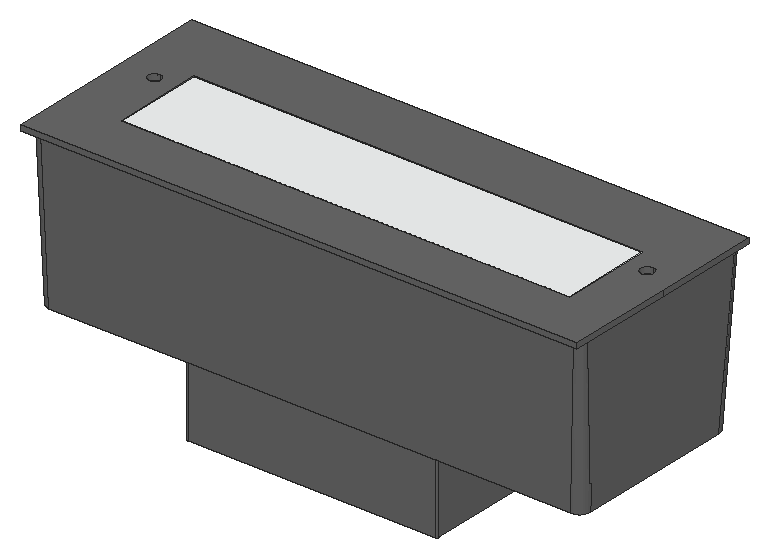
Revit family "24060_HOST_FACE", category Lighting Fixtures, host Face, Revit 2019
Family settings
  Host = Face
  Round Connector Dimension = Use Diameter
  Part Type = Normal
  Cut with Voids When Loaded = Yes
  Light Source = Yes
  Shared = No
  Room Calculation Point = No
Parameters (values of type "Recessed Luminaires - Retangular")
  Wattage = 5.70882 W
  built-in parameter 1150110 = 1 (stored number, unit not read)
  URL = "www.bega-us.com"
  built-in parameter 1114217 = 1 (stored number, unit not read)
  Tilt Angle = 0.00°
  built-in parameter 1150109 = 1 (stored number, unit not read)
  built-in parameter 1150134 = (empty or 0)
  Telephone = "805.684.0533"
  built-in parameter 1150113 = 1 (stored number, unit not read)
  Photometric Web File = "24060.ies"
  Model = "33 508"
  Manufacturer = "BEGA-US"
  built-in parameter 1150105 = 67.482 (stored number, unit not read)
  Lumens = 848 lm
  built-in parameter 1150115 = 1 (stored number, unit not read)
  built-in parameter 1150137 = (empty or 0)
  built-in parameter 1150139 = (empty or 0)
  built-in parameter 1150112 = 1 (stored number, unit not read)
  built-in parameter 1150114 = 1 (stored number, unit not read)
  Lamp = "12.2W LED"
  built-in parameter 1150132 = 2
  built-in parameter 1150102 = (empty or 0)
  built-in parameter 1150107 = 3000 (stored number, unit not read)
  built-in parameter 1150138 = (empty or 0)
  built-in parameter 1150106 = 0.67482 (stored number, unit not read)
  built-in parameter 1150104 = 13.8 (stored number, unit not read)
  Dimming Lamp Color Temperature Shift = <None>
  Description = "LED ceiling and wall luminaires - impact resistant"
  Default Elevation = 0' - 0"
  Color Filter = 16777215
  built-in parameter 1114218 = 1 (stored number, unit not read)
  built-in parameter 1150133 = 10 (stored number, unit not read)
Types (27): name | Wattage | Tilt Angle | built-in parameter 1150134 | Photometric Web File | Model | built-in parameter 1150105 | Lumens | Lamp | built-in parameter 1150107 | built-in parameter 1150106 | Description | Default Elevation
  (no name) | 5.70882 W | 0.00° | (empty or 0) | "24060.ies" | "33 508" | 67.482 (stored number, unit not read) | 848 lm | "12.2W LED" | 3000 (stored number, unit not read) | 0.67482 (stored number, unit not read) | "LED ceiling and wall luminaires - impact resistant" | 0' - 0"
  Wall Luminaires - Directed Light | 18.4392 W | 90.00° | (empty or 0) | "generic" | "2260LED" | 217.96 (stored number, unit not read) | 2739 lm | "44.6W LED" | 3000 (stored number, unit not read) | 2.1796 (stored number, unit not read) | "Surface wall with cutoff optics" | 6' - 0"
  Wall Luminaires - Linear | 9.92985 W | 90.00° | 9 | "generic" | "4425P" | 117.38 (stored number, unit not read) | 1475 lm | "(1) 39W CF twin-4-p" | 3450 (stored number, unit not read) | 1.1738 (stored number, unit not read) | "Suface wall - linear with white acrylic diffuser" | 6' - 0"
  Ceiling and Wall Luminaires - Unshielded | 2.66591 W | 0.00° | (empty or 0) | "33508.ies" | "33 508" | 31.513 (stored number, unit not read) | 396 lm | "W LED" | 3000 (stored number, unit not read) | 0.31513 (stored number, unit not read) | "LED ceiling and wall luminaires - impact resistant" | 0' - 0"
  Recessed Luminaires - Round | 2.66591 W | 0.00° | (empty or 0) | "33508.ies" | "33 508" | 31.513 (stored number, unit not read) | 396 lm | "W LED" | 3000 (stored number, unit not read) | 0.31513 (stored number, unit not read) | "LED ceiling and wall luminaires - impact resistant" | 0' - 0"
  Recessed Luminaires - Square | 0.0067321 W | 0.00° | (empty or 0) | "88754.IES" | 0' - 0" | 0.079577 (stored number, unit not read) | 1 lm | "W LED" | 3000 (stored number, unit not read) | 0.00079577 (stored number, unit not read) | 0' - 0" | 0' - 0"
  Recessed Luminaires - Retangular | 5.70882 W | 0.00° | (empty or 0) | "24060.ies" | "33 508" | 67.482 (stored number, unit not read) | 848 lm | "12.2W LED" | 3000 (stored number, unit not read) | 0.67482 (stored number, unit not read) | "LED ceiling and wall luminaires - impact resistant" | 0' - 0"
  Recessed Luminaires - Elongated | 2.66591 W | 0.00° | (empty or 0) | "33508.ies" | "33 508" | 31.513 (stored number, unit not read) | 396 lm | "W LED" | 3000 (stored number, unit not read) | 0.31513 (stored number, unit not read) | "LED ceiling and wall luminaires - impact resistant" | 0' - 0"
  Recessed Ceiling Luminaires - Downlights | 2.66591 W | 0.00° | (empty or 0) | "33508.ies" | "33 508" | 31.513 (stored number, unit not read) | 396 lm | "W LED" | 3000 (stored number, unit not read) | 0.31513 (stored number, unit not read) | "LED ceiling and wall luminaires - impact resistant" | 0' - 0"
  Recessed Ceiling Luminaires - Asymmetric | 2.66591 W | 0.00° | (empty or 0) | "33508.ies" | "33 508" | 31.513 (stored number, unit not read) | 396 lm | "W LED" | 3000 (stored number, unit not read) | 0.31513 (stored number, unit not read) | "LED ceiling and wall luminaires - impact resistant" | 0' - 0"
  Pendant and Cable Suspended Luminaires - Shielded | 2.66591 W | 0.00° | (empty or 0) | "33508.ies" | "33 508" | 31.513 (stored number, unit not read) | 396 lm | "W LED" | 3000 (stored number, unit not read) | 0.31513 (stored number, unit not read) | "LED ceiling and wall luminaires - impact resistant" | 0' - 0"
  Pendant and Cable Suspended Luminaires - Directed | 2.66591 W | 0.00° | (empty or 0) | "33508.ies" | "33 508" | 31.513 (stored number, unit not read) | 396 lm | "W LED" | 3000 (stored number, unit not read) | 0.31513 (stored number, unit not read) | "LED ceiling and wall luminaires - impact resistant" | 0' - 0"
  Ceiling Luminaires - Downlights | 2.66591 W | 0.00° | (empty or 0) | "33508.ies" | "33 508" | 31.513 (stored number, unit not read) | 396 lm | "W LED" | 3000 (stored number, unit not read) | 0.31513 (stored number, unit not read) | "LED ceiling and wall luminaires - impact resistant" | 0' - 0"
  Ceiling Luminaires - Asymmetric | 2.66591 W | 0.00° | (empty or 0) | "33508.ies" | "33 508" | 31.513 (stored number, unit not read) | 396 lm | "W LED" | 3000 (stored number, unit not read) | 0.31513 (stored number, unit not read) | "LED ceiling and wall luminaires - impact resistant" | 0' - 0"
  Ceiling and Wall Luminaires - Stainless Steel | 2.66591 W | 0.00° | (empty or 0) | "33508.ies" | "33 508" | 31.513 (stored number, unit not read) | 396 lm | "W LED" | 3000 (stored number, unit not read) | 0.31513 (stored number, unit not read) | "LED ceiling and wall luminaires - impact resistant" | 0' - 0"
  Wall Luminaires - Stainless Steel | 2.66591 W | 0.00° | (empty or 0) | "33508.ies" | "33 508" | 31.513 (stored number, unit not read) | 396 lm | "W LED" | 3000 (stored number, unit not read) | 0.31513 (stored number, unit not read) | "LED ceiling and wall luminaires - impact resistant" | 0' - 0"
  Wall Luminaires - Unshielded Light | 2.66591 W | 0.00° | (empty or 0) | "33508.ies" | "33 508" | 31.513 (stored number, unit not read) | 396 lm | "W LED" | 3000 (stored number, unit not read) | 0.31513 (stored number, unit not read) | "LED ceiling and wall luminaires - impact resistant" | 0' - 0"
  Wall Luminaires - Shielded Light | 2.66591 W | 0.00° | (empty or 0) | "33508.ies" | "33 508" | 31.513 (stored number, unit not read) | 396 lm | "W LED" | 3000 (stored number, unit not read) | 0.31513 (stored number, unit not read) | "LED ceiling and wall luminaires - impact resistant" | 0' - 0"
  On-Ground Luminaires | 2.66591 W | 0.00° | (empty or 0) | "33508.ies" | "33 508" | 31.513 (stored number, unit not read) | 396 lm | "W LED" | 3000 (stored number, unit not read) | 0.31513 (stored number, unit not read) | "LED ceiling and wall luminaires - impact resistant" | 0' - 0"
  Light Design Elements | 2.66591 W | 0.00° | (empty or 0) | "33508.ies" | "33 508" | 31.513 (stored number, unit not read) | 396 lm | "W LED" | 3000 (stored number, unit not read) | 0.31513 (stored number, unit not read) | "LED ceiling and wall luminaires - impact resistant" | 0' - 0"
  LED System Bollard | 2.66591 W | 0.00° | (empty or 0) | "33508.ies" | "33 508" | 31.513 (stored number, unit not read) | 396 lm | "W LED" | 3000 (stored number, unit not read) | 0.31513 (stored number, unit not read) | "LED ceiling and wall luminaires - impact resistant" | 0' - 0"
  Bollards | 2.66591 W | 0.00° | (empty or 0) | "33508.ies" | "33 508" | 31.513 (stored number, unit not read) | 396 lm | "W LED" | 3000 (stored number, unit not read) | 0.31513 (stored number, unit not read) | "LED ceiling and wall luminaires - impact resistant" | 0' - 0"
  Bollards - Stainless Steel | 2.66591 W | 0.00° | (empty or 0) | "33508.ies" | "33 508" | 31.513 (stored number, unit not read) | 396 lm | "W LED" | 3000 (stored number, unit not read) | 0.31513 (stored number, unit not read) | "LED ceiling and wall luminaires - impact resistant" | 0' - 0"
  Light Building Elements | 2.66591 W | 0.00° | (empty or 0) | "33508.ies" | "33 508" | 31.513 (stored number, unit not read) | 396 lm | "W LED" | 3000 (stored number, unit not read) | 0.31513 (stored number, unit not read) | "LED ceiling and wall luminaires - impact resistant" | 0' - 0"
  Pole-top Luminaires - with asymmetrical light distribution | 2.66591 W | 0.00° | (empty or 0) | "33508.ies" | "33 508" | 31.513 (stored number, unit not read) | 396 lm | "W LED" | 3000 (stored number, unit not read) | 0.31513 (stored number, unit not read) | "LED ceiling and wall luminaires - impact resistant" | 0' - 0"
  Pole-top Luminaires - with symmetrical light distribution | 2.66591 W | 0.00° | (empty or 0) | "33508.ies" | "33 508" | 31.513 (stored number, unit not read) | 396 lm | "W LED" | 3000 (stored number, unit not read) | 0.31513 (stored number, unit not read) | "LED ceiling and wall luminaires - impact resistant" | 0' - 0"
  Pole-top Luminaires - with indirect light | 2.66591 W | 0.00° | (empty or 0) | "88754.IES" | "33 508" | 31.513 (stored number, unit not read) | 396 lm | "W LED" | 3000 (stored number, unit not read) | 0.31513 (stored number, unit not read) | "LED ceiling and wall luminaires - impact resistant" | 0' - 0"
Reference planes (in)
  plane 1 "Center (Front/Back)": y = 0
  plane 2: z = 0
  plane 3 "Center (Left/Right)": x = 0
Dimensions and locks (in)
  aligned and locked: plane 2 to host face
  aligned and locked: level to host face
Nested families (in)
  nested 1: "24060" at (0, 0, 0) x (0, -1, 0) z (0, 0, 1), type "24060"
Connectors (in)
  electrical at (0, 0, 0)
    settings: on host face, index 1, voltage 0 V, apparent load 0 VA, apparent load phase1 0 VA, apparent load phase2 0 VA, apparent load phase3 0 VA, power factor 1, load classification "Other", number of poles 1, system type 31, power factor state 1, is connector primary yes, connector utility no, sub classification motor no, connector description ""
Definition of nested family "24060"
  Reference planes (in)
    plane 1 "Center (Front/Back)": y = 0
    plane 2: z = 0
    plane 3 "Center (Left/Right)": x = 0
  Forms (in)
    Extrusion 1, solid
      sketch origin (0, 0, 0) x (1, 0, 0) y (0, 1, 0)
        loop
          line (0, -2.9375) -> (2.06416, -2.9375)
          arc (2.06416, -2.9375) -> (2.10718, -2.91968) -> (2.125, -2.87666) r 0.06084
          line (2.125, -2.87666) -> (2.125, 2.89103)
          arc (2.125, 2.89103) -> (2.11139, 2.92389) -> (2.07853, 2.9375) r 0.04647
          line (2.07853, 2.9375) -> (-2.06412, 2.9375)
          arc (-2.06412, 2.9375) -> (-2.10717, 2.91967) -> (-2.125, 2.87662) r 0.06088
          line (-2.125, 2.87662) -> (-2.125, -2.83859)
          arc (-2.125, -2.83859) -> (-2.09603, -2.90853) -> (-2.02609, -2.9375) r 0.09891
          line (-2.02609, -2.9375) -> (0, -2.9375)
        loop
          line (-2.04863, 2.8495) -> (-2.04863, -2.85673) -> (2.04062, -2.85673) -> (2.04062, 2.8495) -> (-2.04863, 2.8495)
      from -5.375 to -3.75
    Blend 2, solid
      base sketch origin (0, 0, 0) x (1, 0, 0) y (0, 1, 0)
        loop
          line (0, -6.3125) -> (1.94427, -6.3125)
          arc (1.94427, -6.3125) -> (2.07206, -6.25956) -> (2.125, -6.13177) r 0.18073
          line (2.125, -6.13177) -> (2.125, 6.0625)
          arc (2.125, 6.0625) -> (2.05178, 6.23928) -> (1.875, 6.3125) r 0.25
          line (1.875, 6.3125) -> (-1.875, 6.3125)
          arc (-1.875, 6.3125) -> (-2.05178, 6.23928) -> (-2.125, 6.0625) r 0.25
          line (-2.125, 6.0625) -> (-2.125, -6.0625)
          arc (-2.125, -6.0625) -> (-2.05178, -6.23928) -> (-1.875, -6.3125) r 0.25
          line (-1.875, -6.3125) -> (0, -6.3125)
      top sketch origin (0, 0, 0) x (1, 0, 0) y (0, 1, 0)
        loop
          line (0.16244, -6.4324) -> (2.03744, -6.4324)
          arc (2.03744, -6.4324) -> (2.21422, -6.35917) -> (2.28744, -6.1824) r 0.25
          line (2.28744, -6.1824) -> (2.28744, 6.25538)
          arc (2.28744, 6.25538) -> (2.2326, 6.38777) -> (2.10022, 6.4426) r 0.18722
          line (2.10022, 6.4426) -> (-2.16399, 6.4426)
          arc (-2.16399, 6.4426) -> (-2.28672, 6.39177) -> (-2.33756, 6.26903) r 0.17357
          line (-2.33756, 6.26903) -> (-2.33756, -6.1824)
          arc (-2.33756, -6.1824) -> (-2.26434, -6.35917) -> (-2.08756, -6.4324) r 0.25
          line (-2.08756, -6.4324) -> (0.16244, -6.4324)
      from -3.75 to 0
    Blend 3, void
      base sketch origin (0, 0, 0) x (0, 1, 0) y (-1, 0, 0)
        loop
          line (6.26296, 2.08102) -> (-6.27135, 2.08102) -> (-6.27135, -2.07153) -> (6.26296, -2.07153) -> (6.26296, 2.08102)
      top sketch origin (0, 0, 0) x (0, 1, 0) y (-1, 0, 0)
        loop
          line (6.37562, 2.22407) -> (-6.36707, 2.22407) -> (-6.36707, -2.22162) -> (6.37562, -2.22162) -> (6.37562, 2.22407)
      from -3.602 to -0.14648
    Extrusion 4, solid
      sketch origin (0, 0, 0) x (1, 0, 0) y (0, 1, 0)
        loop
          line (0, 6.5) -> (-2.5, 6.5) -> (-2.5, -6.5) -> (2.5, -6.5) -> (2.5, 6.5) -> (0, 6.5)
        loop
          line (1.22559, 5.3125) -> (-0.8865, 5.3125) -> (-0.8865, -5.15724) -> (1.22559, -5.15724) -> (1.22559, 5.3125)
        loop
          circle (-0.39038, 5.8322) r 0.15244
        loop
          circle (-0.39038, -5.67202) r 0.15244
      from 0 to 0.125
    Extrusion 5, solid
      sketch origin (-0.01633, 0, 0) x (1, 0, 0) y (0, 1, 0)
        loop
          line (-0.87017, 5.3125) -> (-0.87017, -5.15724) -> (1.24192, -5.15724) -> (1.24192, 5.3125) -> (-0.87017, 5.3125)
      from 0 to 0.125
    Extrusion 6, void
      sketch origin (0.01428, 0, -5.3624) x (1, 0, 0) y (0, 0, 1)
        loop
          circle (-0.00175, 0.78565) r 0.375
      from 2.85673 to 2.9375
    Extrusion 7, void
      sketch origin (0, 0, -5.41919) x (0, 1, 0) y (0, 0, 1)
        loop
          circle (-1.36675, 0.84806) r 0.375
        loop
          circle (1.53449, 0.85721) r 0.375
      from 2.04062 to 2.125
    Extrusion 8, void
      sketch origin (0.01895, 0, -5.36861) x (1, 0, 0) y (0, 0, 1)
        loop
          circle (-0.00175, 0.78565) r 0.375
      from -2.9375 to -2.8495
    Extrusion 9, void
      sketch origin (0, -0.01204, -5.4107) x (0, 1, 0) y (0, 0, 1)
        loop
          circle (-1.36675, 0.84806) r 0.375
        loop
          circle (1.53449, 0.85721) r 0.375
      from -2.125 to -2.04863
    Extrusion 10, solid
      sketch origin (0, 0, 0) x (1, 0, 0) y (0, 1, 0)
        loop
          line (-2.04863, -2.85673) -> (2.04062, -2.85673) -> (2.04062, 2.8495) -> (-2.04863, 2.8495) -> (-2.04863, -2.85673)
      from -5.375 to -5.25
  Cuts and joins
    Blend 3, Extrusion 8, Extrusion 9 cuts Extrusion 1
    Extrusion 8, Extrusion 9 cuts Blend 2
    Extrusion 8, Extrusion 9 cuts Extrusion 4
    joined: Extrusion 1, Blend 2, Extrusion 4
  Dimensions and locks (in)
    aligned and locked: plane 2 to level
